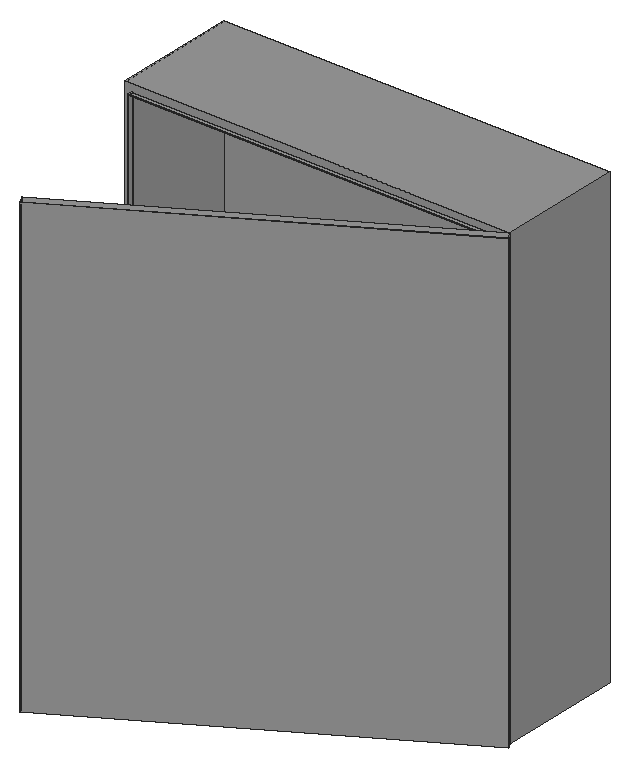
Revit family "Hager-Univers-IP55-D275-H950-Cl.II-Steel_encl-NoHosted-NL-en", category Equipement électrique, Revit 2020
Family settings
  Configuration du panneau = Deux colonnes, circuits au sein
  Cote de connecteur circulaire = Utiliser le diamètre
  Type d'élément = Tableau de raccordement
  Basée sur le plan de construction = Oui
  Toujours verticalement = Oui
  Couper avec des vides une fois chargée = Non
  Partagée = Non
  Point de calcul de pièce = Non
Parameters (values of type "Surface mounted (plaster) IP55 W800 H950 D275  - FR63S")
  Width Control [instance] = if([EF000008 - Width] > Min Width, [EF000008 - Width], Min Width)  # 800 mm
  Commentaires du type = [HG000003 - Range]  # "Univers"
  Thickness Door [instance] = if([EF009171 - Material plate thickness door/cover] > 3 mm, 3 mm, [EF009171 - Material plate thickness door/cover])  # 1.5 mm
  Seal Frame Offset [instance] = 17 mm  # constant formula
  Plinth Visibility [instance] = [HG000027 - Plinth height] > 0 mm  # no
  Min Width [instance] = 100 mm  # constant formula
  Min Depth [instance] = (2 * [EF009170 - Material plate thickness cabinet]) + 1 mm  # 4 mm
  Min Height [instance] = 100 mm  # constant formula
  Internal Frame Depth [instance] = (Door System Depth * 0.5)  # 9 mm
  Panel Name [instance] = ""  # (empty or 0)
  Model = ""
  HG000027 - Plinth height = 0 mm
  HG000026 - Floor standing = no
  HG000024 - Bottom section height = 600 mm
  HG000023 - Double section enclosure = no
  HG000016 - Door 3d visibility [instance] = yes
  HG000015 - Clearance visibility [instance] = no
  HG000014 - Door on the right [instance] = yes
  HG000013 - Door on the left [instance] = not([HG000014 - Door on the right])  # no
  HG000012 - Door swing angle [instance] = 30.00°
  HG000010 - Asymmetric doors = no
  HG000009 - Double swing door = no
  HG000006 - Flush mounted = no
  HG000004 - Manufacturer reference = "FR63S"
  HG000003 - Range = "Univers"
  HG000002 - With door or cover = yes
  Frame Offset Bottom [instance] = 10 mm  # constant formula
  Frame Offset [instance] = 15 mm  # constant formula
  EF015940 - Cover with overpressure release = no
  EF011959 - Degree of protection (NEMA) = ""
  EF009554 - Number of openings for flange plates = 6
  EF009212 - Cover model = "EV000116 - Closed"
  EF009171 - Material plate thickness door/cover = 1.5 mm
  EF009170 - Material plate thickness cabinet = 1.5 mm
  EF008873 - Nominal current (In) = 800 A
  EF007800 - Suitable for lightning protection = no
  EF006306 - With lock = no
  EF006244 - Transparent cover/door = no
  EF005474 - Degree of protection (IP) = "EV006420 - IP55"
  EF004464 - Type of door = "EV002646 - Single"
  EF004427 - Number of modules = 216
  EF004293 - Impact strength = "EV008784 - IK10"
  EF003532 - Suitable for outdoor use = no
  EF002950 - Width in number of modular spacings = 24
  EF001613 - Circuit integrity = "EV000494 - None"
  EF001596 - Material housing = "EV000179 - Steel"
  EF001131 - Internal depth = 275 mm
  EF001088 - Extension possible = yes
  EF000437 - Number of conduit inlets = 6
  EF000339 - Type of cover = "EV004216 - Door"
  EF000266 - Number of rows = 6
  EF000218 - Built-in depth = 0 mm
  EF000118 - With mounting plate = no
  EF000116 - RAL-number = "7035"
  EF000049 - Depth = 275 mm
  EF000040 - Height = 950 mm
  EF000008 - Width = 800 mm
  EF000007 - Colour = "EV000270 - Grey"
  EF000003 - Mounting method = "EV000384 - Surface mounted (plaster)"
  Door System Leaf Tolerance [instance] = 1.5 mm  # constant formula
  Door System Depth [instance] = 18 mm  # constant formula
  Door Height [instance] = Height Control - [HG000027 - Plinth height]  # 950 mm
  Description = ""
  Default Elevation = 1219.2 mm
  Connector Offset [instance] = Height Control / 2  # 475 mm
  Fabricant = "Hager"  # constant formula
  Height Control [instance] = if([EF000040 - Height] > Min Height, [EF000040 - Height], Min Height)  # 950 mm
  Depth Control [instance] = if([EF000049 - Depth] > Min Depth, [EF000049 - Depth], Min Depth)  # 275 mm
  Bottom Top Plate Trim [instance] = 1.5 mm  # constant formula
  Plinth height Ctrl [instance] = if([HG000027 - Plinth height] > 0 mm, [HG000027 - Plinth height], 12 mm)  # 12 mm
Types (5, lengths in mm): name | Width Control | HG000010 - Asymmetric doors | HG000009 - Double swing door | HG000004 - Manufacturer reference | EF009554 - Number of openings for flange plates | EF004464 - Type of door | EF004427 - Number of modules | EF000437 - Number of conduit inlets | EF000008 - Width
  Surface mounted (plaster) IP55 W1050 H950 D275  - FR64S | 1050 | no | yes | "FR64S" | 8 | "EV003602 - Double" | 288 | 8 | 1050
  Surface mounted (plaster) IP55 W1300 H950 D275  - FR65S | 1300 | yes | yes | "FR65S" | 10 | "EV003602 - Double" | 360 | 10 | 1300
  Surface mounted (plaster) IP55 W300 H950 D275  - FR61S | 300 | no | no | "FR61S" | 2 | "EV002646 - Single" | 72 | 2 | 300
  Surface mounted (plaster) IP55 W550 H950 D275  - FR62S | 550 | no | no | "FR62S" | 4 | "EV002646 - Single" | 144 | 4 | 550
  Surface mounted (plaster) IP55 W800 H950 D275  - FR63S | 800 | no | no | "FR63S" | 6 | "EV002646 - Single" | 216 | 6 | 800
Reference planes
  plane 1 "Center (Front/Back)": y = 0
  plane 2: z = 0
  plane 3 "Center (Left/Right)": x = 0
  plane 4: y = 0
  plane 5: y = 0
  plane 6: z = 0
  plane 7: x = -400
  plane 8: x = 400
  plane 9: x = 398.5
  plane 10: x = -398.5
  plane 11: z = 0
  plane 12: z = 1.5
  plane 13: y = -275
  plane 14: y = -1.5
  plane 15: x = 0
  plane 16: y = -257
  plane 17: y = -273.5
  plane 18: y = -255.5
  plane 19: x = -383.5
  plane 20: x = 383.5
  plane 21: z = 11.5
  plane 22: x = -383
  plane 23: x = 383
  plane 24: z = 0
  plane 25: z = 950
  plane 26: z = 950
  plane 27: z = 933.5
  plane 28: z = 948.5
Forms (mm)
  Extrusion 1, solid, material "Hager_Steel_RAL7035_Light_Grey", detail levels medium+fine
    sketch origin (-208.679, -4572, 0) x (-1, 0, 0) y (0, -1, 0)
      loop
        line (191.321, -4315) -> (-608.679, -4315) -> (-608.679, -4572) -> (191.321, -4572) -> (191.321, -4315)
    from 0 to 950
  Extrusion 2, void
    sketch origin (-350.771, -275, 1219.2) x (1, 0, 0) y (0, 0, 1)
      loop
        line (-47.729, -270.7) -> (-47.729, -1217.7) -> (749.271, -1217.7) -> (749.271, -270.7) -> (-47.729, -270.7)
    from -19.5 to -273.5
  Extrusion 3, void
    sketch origin (-290.084, -257, 1219.2) x (1, 0, 0) y (0, 0, 1)
      loop
        line (-93.416, -1207.7) -> (673.584, -1207.7) -> (673.584, -285.7) -> (-93.416, -285.7) -> (-93.416, -1207.7)
    from 0 to -1.5
  Extrusion 4, solid, material "Hager_Steel_RAL7035_Light_Grey", visible <- "Plinth Visibility", detail levels medium+fine
    sketch origin (0, 0, 0) x (1, 0, 0) y (0, 1, 0)
      loop
        line (-400, 0) -> (-400, -257) -> (400, -257) -> (400, 0) -> (-400, 0)
    from 0 to 12 <- "Plinth height Ctrl"
  Extrusion 5, solid, material "Hager_Steel_RAL7035_Light_Grey", detail levels coarse
    sketch origin (0, 0, 0) x (1, 0, 0) y (0, 1, 0)
      loop
        line (-400, 0) -> (-400, -275) -> (400, -275) -> (400, 0) -> (-400, 0)
    from 0 to 950 <- "Height Control"
  Sweep 6, void
    path in 3D
      loop
        line (-400, -257, 12) -> (400, -257, 12) -> (400, 0, 12) -> (-400, 0, 12) -> (-400, -257, 12)
    profile origin (-400, -128.5, 12) x (1, 0, 0) y (0, 0, 1)
      loop
        line (0, 0) -> (0, -1.5) -> (1.5, -1.5)
        arc (1.5, -1.5) -> (1.061, -0.439) -> (0, 0) r 1.5
  Extrusion 7, solid, material "Hager_Steel_RAL7035_Light_Grey", detail levels fine
    sketch origin (-400, -257, 0) x (1, 0, 0) y (0, 0, 1)
      loop
        line (16.5, 11.5) -> (783.5, 11.5) -> (783.5, 933.5) -> (16.5, 933.5) -> (16.5, 11.5)
      loop
        line (15, 10) -> (785, 10) -> (785, 935) -> (15, 935) -> (15, 10)
    from 0 to 9 <- "Internal Frame Depth"
Cuts and joins
  Extrusion 2, Extrusion 3 cuts Extrusion 1
  Sweep 6 cuts Extrusion 4
Lines and regions (mm)
  Masking region 1
    outline origin (0, 0, 0) x (1, 0, 0) y (0, 1, 0)
      loop
        line (-400, 0) -> (-400, -275) -> (400, -275) -> (400, 0) -> (-400, 0)
  Masking region 2, detail levels coarse
    outline origin (-290.084, -257, 1219.2) x (-1, 0, 0) y (0, 0, 1)
      loop
        line (-690.084, -1219.2) -> (109.916, -1219.2) -> (109.916, -269.2) -> (-690.084, -269.2) -> (-690.084, -1219.2)
  Masking region 3, detail levels coarse
    outline origin (0, 0, 0) x (0, 1, 0) y (0, 0, 1)
      loop
        line (0, 0) -> (0, 950) -> (-275, 950) -> (-275, 0) -> (0, 0)
  Masking region 4, visible <- "Plinth Visibility", detail levels medium+fine
    outline origin (0, 0, 0) x (0, 1, 0) y (0, 0, 1)
      loop
        line (-1.5, 12) -> (-255.5, 12)
        arc (-255.5, 12) -> (-255.939, 10.939) -> (-257, 10.5) r 1.5
        line (-257, 10.5) -> (-257, 0) -> (0, 0) -> (0, 10.5)
        arc (0, 10.5) -> (-1.061, 10.939) -> (-1.5, 12) r 1.5
  Masking region 5, detail levels medium+fine
    outline origin (0, 0, 594.038) x (0, 1, 0) y (0, 0, 1)
      loop
        line (0, -594.038) -> (0, 355.962) -> (-257, 355.962) -> (-257, -594.038) -> (0, -594.038)
  Masking region 6, detail levels medium+fine
    outline origin (-359.7, -257, 1211.883) x (-1, 0, 0) y (0, 0, 1)
      loop
        line (-759.7, -1211.883) -> (40.3, -1211.883) -> (40.3, -261.883) -> (-759.7, -261.883) -> (-759.7, -1211.883)
  Masking region 7, visible <- "Plinth Visibility", detail levels medium+fine
    outline origin (-320.334, -257, 1041.368) x (-1, 0, 0) y (0, 0, 1)
      loop
        line (-720.334, -1041.368) -> (79.666, -1041.368) -> (79.666, -1030.868)
        arc (79.666, -1030.868) -> (78.606, -1030.429) -> (78.166, -1029.368) r 1.5
        line (78.166, -1029.368) -> (-718.834, -1029.368)
        arc (-718.834, -1029.368) -> (-719.273, -1030.429) -> (-720.334, -1030.868) r 1.5
        line (-720.334, -1030.868) -> (-720.334, -1041.368)
  sketch lines
    curve 1: line (-400, 0, 12) -> (-400, -257, 12)
    curve 2: line (-400, -257, 12) -> (400, -257, 12)
    curve 3: line (400, 0, 12) -> (-400, 0, 12)
    curve 4: line (400, -257, 12) -> (400, 0, 12)
Dimensions and locks
  locked: plane 1 "Center (Front/Back)" to plane 5
  "EF009170 - Material plate thickness cabinet": plane 7 to plane 10
  "EF009170 - Material plate thickness cabinet": plane 8 to plane 9
  equal spacing: plane 7, plane 3 "Center (Left/Right)", plane 8
  "Width Control": plane 7 to plane 8
  "Depth Control": plane 4 to plane 13
  "EF009170 - Material plate thickness cabinet": plane 4 to plane 14
  "Height Control": plane 25 to level
  "HG000027 - Plinth height": plane 11 to level
  "EF009170 - Material plate thickness cabinet": plane 12 to plane 11
  "EF009170 - Material plate thickness cabinet": plane 17 to plane 13
  "EF009170 - Material plate thickness cabinet": plane 18 to plane 16
  "Frame Offset Bottom": plane 21 to plane 12
  "Frame Offset": plane 10 to plane 19
  "Frame Offset": plane 9 to plane 20
  "Door System Depth": plane 16 to plane 13
  "Seal Frame Offset": plane 7 to plane 22
  "Seal Frame Offset": plane 8 to plane 23
  "EF009170 - Material plate thickness cabinet": plane 26 to plane 28
  "Frame Offset": plane 28 to plane 27
  "Connector Offset": plane 2 to connector elem
  "Bottom Top Plate Trim": profile plane to Sweep 6 sketch curve
  "Bottom Top Plate Trim": Sweep 6 sketch curve to Sweep 6 sketch curve
  "Plinth height Ctrl": Masking region 4 sketch curve to level
  "Plinth height Ctrl": Masking region 7 sketch curve to level
  "Thickness Door": Extrusion 7 sketch curve to Extrusion 7 sketch curve  (x4)
  "Bottom Top Plate Trim": radius of Sweep 6 sketch curve
  "Bottom Top Plate Trim": radius of Masking region 4 sketch curve  (x2)
  "Bottom Top Plate Trim": radius of Masking region 7 sketch curve  (x2)
  aligned and locked: Extrusion 2 sketch curve to plane 12
  aligned and locked: Extrusion 2 sketch curve to plane 9
  aligned and locked: Extrusion 2 sketch curve to plane 10
  aligned and locked: Extrusion 2 to plane 14
  aligned and locked: Extrusion 1 sketch curve to plane 4
  aligned and locked: plane 8 to Extrusion 1 sketch curve
  aligned and locked: plane 7 to Extrusion 1 sketch curve
  aligned and locked: Extrusion 2 to plane 18
  aligned and locked: Extrusion 3 sketch curve to plane 19
  aligned and locked: plane 20 to Extrusion 3 sketch curve
  aligned and locked: Extrusion 3 to Extrusion 2
  aligned and locked: Extrusion 3 sketch curve to plane 21
  aligned and locked: plane 3 "Center (Left/Right)" to nested 1
  aligned and locked: Extrusion 1 sketch curve to plane 16
  aligned and locked: Extrusion 4 sketch curve to cut or joined group of Extrusion 1, Extrusion 2, Extrusion 3
  aligned and locked: Masking region 1 sketch curve to plane 7
  aligned and locked: Masking region 1 sketch curve to plane 5
  aligned and locked: Masking region 1 sketch curve to plane 8
  aligned and locked: Masking region 2 sketch curve to level
  aligned and locked: level to Masking region 3 sketch curve
  aligned and locked: plane 1 "Center (Front/Back)" to Masking region 3 sketch curve
  aligned and locked: plane 13 to Masking region 3 sketch curve
  aligned and locked: plane 5 to Masking region 4 sketch curve
  aligned and locked: Masking region 2 sketch curve to plane 8
  aligned and locked: Masking region 2 sketch curve to plane 7
  aligned and locked: plane 7 to nested 2
  aligned and locked: nested 2 to plane 5
  aligned and locked: plane 5 to Masking region 5 sketch curve
  aligned and locked: plane 26 to Masking region 5 sketch curve
  aligned and locked: Extrusion 5 sketch curve to plane 8
  aligned and locked: Extrusion 5 sketch curve to plane 7
  aligned and locked: Extrusion 5 sketch curve to plane 5
  aligned and locked: Extrusion 3 sketch curve to plane 27
  aligned and locked: Extrusion 2 sketch curve to plane 28
  aligned and locked: Masking region 2 to plane 25
  aligned and locked: Extrusion 4 to plane 16
  aligned and locked: profile plane to Sweep 6 sketch curve
  aligned and locked: Masking region 5 sketch curve to plane 24
  aligned and locked: level to Masking region 4 sketch curve
  aligned and locked: Masking region 1 to plane 13
  aligned and locked: nested 1 to plane 16
  aligned and locked: Masking region 3 to plane 25
  aligned and locked: plane 16 to Masking region 4 sketch curve
  aligned and locked: Masking region 5 sketch curve to plane 16
  aligned and locked: plane 24 to plane 11
  aligned and locked: plane 26 to plane 25
  aligned and locked: plane 26 to cut or joined group of Extrusion 1, Extrusion 2, Extrusion 3
  aligned and locked: nested 1 to plane 24
  aligned and locked: Extrusion 1 to Extrusion 3
  aligned and locked: Masking region 6 sketch curve to plane 8
  aligned and locked: Masking region 6 sketch curve to plane 24
  aligned and locked: Masking region 6 sketch curve to plane 7
  aligned and locked: Masking region 6 sketch curve to plane 26
  aligned and locked: Masking region 7 sketch curve to plane 7
  aligned and locked: level to Masking region 7 sketch curve
  aligned and locked: Masking region 7 sketch curve to plane 8
  aligned and locked: Extrusion 7 sketch curve to cut or joined group of Extrusion 1, Extrusion 2, Extrusion 3  (x4)
Automatic sketch dimensions
  plane 19 to Extrusion 3 sketch curve = 0 mm
  Extrusion 3 sketch curve to plane 20 = 0 mm
  Extrusion 3 sketch curve to plane 21 = 0 mm
  Extrusion 4 sketch curve to plane 7 = 0 mm
  Extrusion 4 sketch curve to plane 8 = 0 mm
  Extrusion 4 sketch curve to plane 16 = 0 mm
  Masking region 1 sketch curve to plane 13 = 0 mm
  Masking region 2 sketch curve to plane 25 = 0 mm
  Masking region 3 sketch curve to plane 25 = 0 mm
  Extrusion 5 sketch curve to plane 13 = 0 mm
  profile plane to Sweep 6 sketch curve = 0 mm
Nested families
  nested 1: "EC000058_Univers_Door" at (0, -257, 0), Double <- "HG000009 - Double swing door", Transparent <- "EF006244 - Transparent cover/door", Angle <- "HG000012 - Door swing angle", Door_Right <- "HG000014 - Door on the right", Assymetrical <- "HG000010 - Asymmetric doors", Door <- "HG000002 - With door or cover", Width_Ctrl <- "Width Control", 3d_Door <- "HG000016 - Door 3d visibility", Clearance <- "HG000015 - Clearance visibility", Door_Left <- "HG000013 - Door on the left", Width <- "Width Control", Door_Depth <- "Door System Depth", Leaf_Tolerance <- "Door System Leaf Tolerance", Height <- "Door Height", Lock_Visibility <- "EF006306 - With lock", Thickness <- "Thickness Door", type "EC000058_Univers_Door", detail levels medium+fine
    with min_wh 4 mm, Width_Ctrl 800 mm, Width 800 mm, Transparent no, Thickness 1.5 mm, Seal_Material Hager_Rubber, Lock_Visibility no, Lock_Material Hager_Plastic_RAL9005_Jet_Black, Leaf_Width 800 mm, Leaf_Tolerance_External_Sides 0 mm, Leaf_Tolerance 1.5 mm, Leaf_Offset 0 mm, Leaf_Height 947 mm, Leaf_2_Width 800 mm, Leaf_2_Offset 400 mm, Leaf_1_Width 800 mm, Leaf_1_Offset 400 mm, Height_Ctrl 950 mm, Height 950 mm, Glass_Material Hager_Glass, Double_Clearance_Ctrl no, Double no, Door_Right_Ctrl yes, Door_Right yes, Door_Material Hager_Steel_RAL7035_Light_Grey, Door_Left_Ctrl no, Door_Left no, Door_Depth 18 mm, Door yes, Clearance_Material Hager_Clearance, Clearance_Depth 800 mm, Clearance_Ctrl no, Clearance no, Assymetrical no, Angle 30.00°, 3d_Door yes
  nested 2: "Hager_Enclosure_Symbol" at (-400, 0, 0), Height <- "Depth Control", Width <- "Width Control", type "Hager_Enclosure_Symbol"
    with Width_Ctrl 800 mm, Width 800 mm, Height_Ctrl 275 mm, Height 275 mm, A_Width_Int 18.047 mm, A_Width 216.562 mm, A_Height_Ctrl 240.625 mm, A_Height 240.625 mm
Connectors
  electrical at (0, 0, 475)
    settings: on plane 1 "Center (Front/Back)", index 1, voltage 0 V, apparent load 0 VA, apparent load phase1 0 VA, apparent load phase2 0 VA, apparent load phase3 0 VA, power factor 1, load classification "Other", number of poles 1, system type 30, power factor state 1, is connector primary yes, connector utility no, sub classification motor no, connector description ""
Definition of nested family "EC000058_Univers_Door"
  Parameters (values of type "EC000058_Univers_Door")
    min_wh [instance] = (2 * Thickness) + 1 mm  # 11 mm
    Width_Ctrl [instance] = 400 mm
    Width [instance] = 500 mm
    Transparent [instance] = yes
    Thickness [instance] = 5 mm
    Seal_Material [instance] = none
    Lock_Visibility [instance] = yes
    Lock_Material [instance] = none
    Leaf_Width [instance] = if((Width_Ctrl - 2 * Leaf_Tolerance_External_Sides) > 0 mm, (Width_Ctrl - 2 * Leaf_Tolerance_External_Sides), min_wh)  # 400 mm
    Leaf_Tolerance_External_Sides [instance] = 0 mm  # constant formula
    Leaf_Tolerance [instance] = 1.5 mm
    Leaf_Offset [instance] = 0 mm  # constant formula
    Leaf_Height [instance] = if((Height_Ctrl - 2 * Leaf_Tolerance) > 0 mm, (Height_Ctrl - 2 * Leaf_Tolerance), min_wh)  # 497 mm
    Leaf_2_Width [instance] = if(and(and(Double, Assymetrical), Door_Left), (Leaf_Width / 3) - (Leaf_Tolerance / 2), if(and(and(Double, Assymetrical), Door_Right), (Leaf_Width / 3) * 2 - (Leaf_Tolerance / 2), if(and(Double, not(Assymetrical)), (Leaf_Width / 2) - Leaf_Tolerance, Leaf_Width)))  # 400 mm
    Leaf_2_Offset [instance] = if(and(Double, Assymetrical), Leaf_2_Width / 2, if(and(Double, not(Assymetrical)), Leaf_Width / 4, Leaf_Width / 2))  # 200 mm
    Leaf_1_Width [instance] = if(and(and(Double, Assymetrical), Door_Right), (Leaf_Width / 3) - (Leaf_Tolerance / 2), if(and(and(Double, Assymetrical), Door_Left), (Width / 3) * 2 - (Leaf_Tolerance / 2), if(and(Double, not(Assymetrical)), (Leaf_Width / 2) - Leaf_Tolerance, Leaf_Width)))  # 400 mm
    Leaf_1_Offset [instance] = if(and(Double, Assymetrical), Leaf_1_Width / 2, if(and(Double, not(Assymetrical)), Leaf_Width / 4, Leaf_Width / 2))  # 200 mm
    Height_Ctrl [instance] = if(Height > min_wh, Height, min_wh)  # 500 mm
    Height [instance] = 500 mm
    Glass_Material [instance] = none
    Double_Clearance_Ctrl [instance] = and(Double, Clearance)  # no
    Double [instance] = no
    Door_Right_Ctrl [instance] = and(or(Door_Right, Double), Door)  # yes
    Door_Right [instance] = yes
    Door_Material [instance] = none
    Door_Left_Ctrl [instance] = and(or(Door_Left, Double), Door)  # no
    Door_Left [instance] = no
    Door_Depth [instance] = 30 mm
    Door [instance] = yes
    Default Elevation = 1219.2 mm
    Clearance_Material [instance] = none
    Clearance_Depth [instance] = if(Leaf_1_Width > Leaf_2_Width, Leaf_1_Width, Leaf_2_Width)  # 400 mm
    Clearance_Ctrl [instance] = and(not(Double), Clearance)  # yes
    Clearance [instance] = yes
    Assymetrical [instance] = yes
    Angle [instance] = 30.00°
    3d_Door [instance] = yes
  Reference planes
    plane 1 "Center (Front/Back)": y = 0
    plane 2 "Bottom": z = 0
    plane 3 "Center (Left/Right)": x = 0
    plane 4: z = 500
    plane 5: x = -200
    plane 6: x = 200
    plane 7: z = 500
    plane 8: x = -200
    plane 9: z = 0
    plane 10: x = 200
    plane 11: y = 0
    plane 12: z = 1.5
    plane 13: x = -600
    plane 14: y = -400
    plane 15: x = 600
    plane 16: x = 0
    plane 17: x = 0
    plane 18: x = -200
    plane 19: x = 200
    plane 20: z = 498.5
  Forms (mm)
    Extrusion 1, solid, material <- "Clearance_Material", visible <- "Double_Clearance_Ctrl"
      sketch origin (1200, 0, 0) x (1, 0, 0) y (0, 0, -1)
        loop
          line (-1800, -498.5) -> (-600, -498.5) -> (-600, 0) -> (-1800, 0) -> (-1800, -498.5)
      from 0 to -400
  Dimensions and locks
    equal spacing: plane 5, plane 3 "Center (Left/Right)", plane 6
    "Width_Ctrl": plane 5 to plane 6
    "Leaf_Offset": plane 5 to plane 8
    "Leaf_Offset": plane 6 to plane 10
    "Leaf_Offset": plane 9 to level
    "Leaf_Offset": plane 4 to plane 7
    "Height_Ctrl": plane 4 to level
    "Leaf_Tolerance": plane 12 to plane 9
    locked: plane 11 to plane 1 "Center (Front/Back)"
    "Leaf_1_Offset": plane 18 to plane 16
    "Leaf_2_Offset": plane 17 to plane 19
    "Leaf_1_Width": plane 13 to plane 8
    "Leaf_2_Width": plane 10 to plane 15
    "Clearance_Depth": plane 14 to plane 1 "Center (Front/Back)"
    "Leaf_Tolerance_External_Sides": plane 8 to plane 18
    "Leaf_Tolerance_External_Sides": plane 19 to plane 10
    "Leaf_Tolerance": plane 7 to plane 20
    aligned and locked: level to plane 2 "Bottom"
    aligned and locked: nested 1 to plane 16
    aligned and locked: nested 2 to plane 17
    aligned and locked: Extrusion 1 to plane 13
    aligned and locked: plane 15 to Extrusion 1
    aligned and locked: Extrusion 1 to plane 14
    aligned and locked: plane 12 to nested 1
    aligned and locked: nested 2 to plane 12
    aligned and locked: Extrusion 1 to plane 11
    aligned and locked: plane 20 to Extrusion 1
    aligned and locked: nested 2 to plane 11
    aligned and locked: nested 1 to plane 11
  Automatic sketch dimensions
    Extrusion 1 sketch curve to level = 0 mm
    plane 5 to Extrusion 1 sketch curve = 400 mm
    plane 6 to Extrusion 1 sketch curve = 400 mm
    Extrusion 1 sketch curve to plane 4 = 1.5 mm
  Nested families
    nested 1: "EC000058_Univers_Door_Leaf" at (0, 0, 1.5), Width <- "Leaf_1_Width", visible <- "Door_Left_Ctrl", Leaf_Height <- "Leaf_Height", Angle <- "Angle", 3d_Door <- "3d_Door", Transparent <- "Transparent", Clearance Material <- "Clearance_Material", Clearance <- "Clearance_Ctrl", Door_Material <- "Door_Material", Glass_Material <- "Glass_Material", Door_Depth <- "Door_Depth", Lock_Material <- "Lock_Material", Seal_Material <- "Seal_Material", Lock_Visibility <- "Lock_Visibility", Thickness <- "Thickness", type "EC000058_Univers_Door_Leaf"
      with Width 400 mm, Transparent_Glass_Offset 30 mm, Transparent_Ctrl yes, Transparent yes, Thickness 5 mm, Standard no, Seal_Material none, Seal_D2 8 mm, Seal_D1 1 mm, Offset_Internal_Frame 10 mm, Lock_Width 20 mm, Lock_Visibility_3d yes, Lock_Visibility yes, Lock_Thickness_3 3 mm, Lock_Thickness_2 1 mm, Lock_Thickness_1 3 mm, Lock_Radius_Offset_2 16 mm, Lock_Radius_Offset_1 15 mm, Lock_Radius_2 5 mm, Lock_Radius 6 mm, Lock_Offset 5 mm, Lock_Material none, Lock_Height 80 mm, Lock_Cover_Top_Offset_2d 17 mm, Lock_Cover_Height -65 mm, Leaf_Height 497 mm, Internal_Seal_Thickness 8 mm, Internal_Seal_Depth_2 4.5 mm, Internal_Frame_Depth 25 mm, Glass_Thickness -1 mm, Glass_Offset -2 mm, Glass_Material none, Door_Material none, Door_Depth 30 mm, Clearance Material none, Clearance yes, Angle_Ctrl 30.00°, Angle 30.00°, 3d_Door yes
    nested 2: "EC000058_Univers_Door_Leaf" at (0, 0, 1.5) x (-1, 0, 0) z (0, 0, 1), Width <- "Leaf_2_Width", visible <- "Door_Right_Ctrl", Leaf_Height <- "Leaf_Height", Angle <- "Angle", 3d_Door <- "3d_Door", Transparent <- "Transparent", Clearance Material <- "Clearance_Material", Clearance <- "Clearance_Ctrl", Door_Material <- "Door_Material", Glass_Material <- "Glass_Material", Door_Depth <- "Door_Depth", Lock_Material <- "Lock_Material", Seal_Material <- "Seal_Material", Lock_Visibility <- "Lock_Visibility", Thickness <- "Thickness", type "EC000058_Univers_Door_Leaf"
      with Width 400 mm, Transparent_Glass_Offset 30 mm, Transparent_Ctrl yes, Transparent yes, Thickness 5 mm, Standard no, Seal_Material none, Seal_D2 8 mm, Seal_D1 1 mm, Offset_Internal_Frame 10 mm, Lock_Width 20 mm, Lock_Visibility_3d yes, Lock_Visibility yes, Lock_Thickness_3 3 mm, Lock_Thickness_2 1 mm, Lock_Thickness_1 3 mm, Lock_Radius_Offset_2 16 mm, Lock_Radius_Offset_1 15 mm, Lock_Radius_2 5 mm, Lock_Radius 6 mm, Lock_Offset 5 mm, Lock_Material none, Lock_Height 80 mm, Lock_Cover_Top_Offset_2d 17 mm, Lock_Cover_Height -65 mm, Leaf_Height 497 mm, Internal_Seal_Thickness 8 mm, Internal_Seal_Depth_2 4.5 mm, Internal_Frame_Depth 25 mm, Glass_Thickness -1 mm, Glass_Offset -2 mm, Glass_Material none, Door_Material none, Door_Depth 30 mm, Clearance Material none, Clearance yes, Angle_Ctrl 30.00°, Angle 30.00°, 3d_Door yes
  Definition of nested family "EC000058_Univers_Door_Leaf"
    Parameters (values of type "EC000058_Univers_Door_Leaf")
      Width [instance] = 2000 mm
      Transparent_Glass_Offset [instance] = 30 mm
      Transparent_Ctrl [instance] = and(Transparent, [3d_Door])  # yes
      Transparent [instance] = yes
      Thickness [instance] = 5 mm
      Standard [instance] = and(not(Transparent), [3d_Door])  # no
      Seal_Material [instance] = none
      Seal_D2 [instance] = 8 mm  # constant formula
      Seal_D1 [instance] = 1 mm  # constant formula
      Offset_Internal_Frame [instance] = 10 mm  # constant formula
      Lock_Width [instance] = 20 mm  # constant formula
      Lock_Visibility_3d [instance] = and(Lock_Visibility, [3d_Door])  # yes
      Lock_Visibility [instance] = yes
      Lock_Thickness_3 [instance] = 3 mm  # constant formula
      Lock_Thickness_2 [instance] = 1 mm  # constant formula
      Lock_Thickness_1 [instance] = 3 mm  # constant formula
      Lock_Radius_Offset_2 [instance] = Lock_Radius_Offset_1 + 1 mm  # 16 mm
      Lock_Radius_Offset_1 [instance] = 15 mm  # constant formula
      Lock_Radius_2 [instance] = Lock_Radius - 1 mm  # 5 mm
      Lock_Radius [instance] = 6 mm  # constant formula
      Lock_Offset [instance] = 5 mm  # constant formula
      Lock_Material [instance] = none
      Lock_Height [instance] = 80 mm  # constant formula
      Lock_Cover_Top_Offset_2d [instance] = Lock_Radius_Offset_2 + 1 mm  # 17 mm
      Lock_Cover_Height [instance] = -(Lock_Height - Lock_Radius_Offset_1)  # -65 mm
      Leaf_Height [instance] = 2720.336 mm
      Internal_Seal_Thickness [instance] = 8 mm  # constant formula
      Internal_Seal_Depth_2 [instance] = 4.5 mm  # constant formula
      Internal_Frame_Depth [instance] = if(Door_Depth - Thickness > 5 mm, Door_Depth - Thickness, 5 mm)  # 25 mm
      Glass_Thickness [instance] = if(Thickness > 15 mm, Glass_Offset + 10 mm, -1 mm)  # -1 mm
      Glass_Offset [instance] = if(Thickness > 15 mm, -(Thickness + 10 mm) / 2, -2 mm)  # -2 mm
      Glass_Material [instance] = none
      Door_Material [instance] = none
      Door_Depth [instance] = 30 mm
      Default Elevation = 0 mm
      Clearance Material [instance] = none
      Clearance [instance] = yes
      Angle_Ctrl [instance] = if(Angle > 180.00°, 180.00°, Angle)  # 90.00°
      Angle [instance] = 90.00°
      3d_Door [instance] = yes
    Reference planes
      plane 1 "Center (Front/Back)": y = 0
      plane 2: z = 0
      plane 3 "Center (Left/Right)": x = 0
      plane 4: y = 2000
      plane 5: x = -1000
      plane 6: x = 1000
      plane 7: x = -3000
      plane 8: z = 2720.336
      plane 9: z = 30
      plane 10: z = 2690.336
      plane 11: x = 970
      plane 12: x = -970
      plane 13: y = -3
      plane 14: z = 107.833
      plane 15: y = -5
      plane 16: y = -223.314
      plane 17: x = -1000
      plane 18: z = 1360.168
      plane 19: y = 30
    Forms (mm)
      Extrusion 1, solid, material <- "Clearance Material", visible <- "Clearance"
        sketch origin (0, 0, 0) x (1, 0, 0) y (0, 0, 1)
          loop
            line (-3000, 2720.336) -> (-3000, 0) -> (1000, 0) -> (1000, 2720.336) -> (-3000, 2720.336)
        from 0 to -2000
      Extrusion 2, solid, material <- "Door_Material", visible <- "Standard", detail levels medium+fine
        sketch origin (-1000, 0, 0) x (0, 1, 0) y (-1, 0, 0)
          loop
            line (0, 30) -> (0, 25) -> (2000, 25) -> (2000, 30) -> (0, 30)
        from 0 to 2720.336 <- "Leaf_Height"
      Extrusion 3, solid, material <- "Door_Material", visible <- "Transparent_Ctrl", detail levels medium+fine
        sketch origin (-1000, 0, 0) x (0, 1, 0) y (-1, 0, 0)
          loop
            line (0, 25) -> (2000, 25) -> (2000, 30) -> (0, 30) -> (0, 25)
        from 0 to 2720.336 <- "Leaf_Height"
      Extrusion 4, void
        sketch origin (-1025, 2000, 0) x (0, 1, 0) y (0, 0, -1)
          loop
            line (-30, -2690.336) -> (-30, -30) -> (-1970, -30) -> (-1970, -2690.336) -> (-30, -2690.336)
        from 0 to 5 <- "Thickness"
      Sweep 5, solid, material <- "Seal_Material", visible <- "Transparent_Ctrl", detail levels fine
        path in 3D
          loop
            line (-1025, 30, 30) -> (-1025, 30, 2690.336) -> (-1025, 1970, 2690.336) -> (-1025, 1970, 30) -> (-1025, 30, 30)
        profile origin (-1025, 1000, 30) x (1, 0, 0) y (0, 0, 1)
          loop
            line (0, 0) -> (0, -8) -> (1, -8) -> (1, 0) -> (0, 0)
      Extrusion 6, solid, material <- "Glass_Material", visible <- "Transparent_Ctrl", detail levels medium+fine
        sketch origin (-1030, 0, 0) x (0, 1, 0) y (0, 0, -1)
          loop
            line (1970, -2690.336) -> (1970, -30) -> (30, -30) -> (30, -2690.336) -> (1970, -2690.336)
        from -2 <- "Glass_Offset" to -1 <- "Glass_Thickness"
      Extrusion 7, solid, material <- "Door_Material", visible <- "3d_Door", detail levels medium+fine
        sketch origin (-1025, 2000, 0) x (0, -1, 0) y (0, 0, -1)
          loop
            line (0, -2720.336) -> (2000, -2720.336) -> (2000, 0) -> (0, 0) -> (0, -2720.336)
          loop
            line (1995, -5) -> (5, -5) -> (5, -2715.336) -> (1995, -2715.336) -> (1995, -5)
        from 0 to 25 <- "Internal_Frame_Depth"
      Sweep 8, solid, material <- "Seal_Material", visible <- "Transparent_Ctrl", detail levels fine
        path in 3D
          loop
            line (-1025, 0, 0) -> (-1025, 2000, 0) -> (-1025, 2000, 2720.336) -> (-1025, 0, 2720.336) -> (-1025, 0, 0)
        profile origin (-1025, 0, 1360.168) x (1, 0, 0) y (0, 1, 0)
          loop
            line (0, 10) -> (2.975, 10)
            arc (2.975, 10) -> (4.053, 10.447) -> (4.5, 11.525) r 1.525
            line (4.5, 11.525) -> (4.5, 16.527)
            arc (4.5, 16.527) -> (4.069, 17.569) -> (3.027, 18) r 1.473
            line (3.027, 18) -> (0, 18) -> (0, 10)
      Extrusion 9, solid, material <- "Lock_Material", visible <- "Lock_Visibility_3d", detail levels fine
        sketch origin (-1030, 0, 0) x (0, 1, 0) y (0, 0, -1)
          loop
            arc (1993.5, -1400.168) -> (1994.561, -1399.729) -> (1995, -1398.668) r 1.5
            line (1995, -1398.668) -> (1995, -1320.168) -> (1975, -1320.168) -> (1975, -1398.668)
            arc (1975, -1398.668) -> (1975.439, -1399.729) -> (1976.5, -1400.168) r 1.5
            line (1976.5, -1400.168) -> (1993.5, -1400.168)
        from 3 <- "Lock_Thickness_1" to 0
      Blend 10, solid, material <- "Lock_Material", visible <- "Lock_Visibility_3d", detail levels fine
        base sketch origin (-1033, 0, 0) x (0, 1, 0) y (0, 0, -1)
          loop
            line (1975, -1320.168) -> (1975, -1398.668)
            arc (1975, -1398.668) -> (1975.439, -1399.729) -> (1976.5, -1400.168) r 1.5
            line (1976.5, -1400.168) -> (1993.5, -1400.168)
            arc (1993.5, -1400.168) -> (1994.561, -1399.729) -> (1995, -1398.668) r 1.5
            line (1995, -1398.668) -> (1995, -1320.168) -> (1975, -1320.168)
        top sketch origin (-1033, 0, 0) x (0, 1, 0) y (0, 0, -1)
          loop
            line (1976, -1320.168) -> (1976, -1398.668)
            arc (1976, -1398.668) -> (1976.146, -1399.022) -> (1976.5, -1399.168) r 0.5
            line (1976.5, -1399.168) -> (1993.5, -1399.168)
            arc (1993.5, -1399.168) -> (1993.854, -1399.022) -> (1994, -1398.668) r 0.5
            line (1994, -1398.668) -> (1994, -1320.168) -> (1976, -1320.168)
        from 0 to 1 <- "Lock_Thickness_2"
      Blend 11, solid, material <- "Lock_Material", visible <- "Lock_Visibility_3d", detail levels fine
        base sketch origin (-1034, 0, 0) x (0, 1, 0) y (0, 0, -1)
          loop
            line (1978, -1320.168) -> (1978, -1384.168)
            arc (1978, -1384.168) -> (1985, -1391.168) -> (1992, -1384.168) r 7
            line (1992, -1384.168) -> (1992, -1320.168) -> (1978, -1320.168)
        top sketch origin (-1034, 0, 0) x (0, 1, 0) y (0, 0, -1)
          loop
            line (1991, -1320.168) -> (1979, -1320.168) -> (1979, -1383.168)
            arc (1979, -1383.168) -> (1985, -1389.168) -> (1991, -1383.168) r 6
            line (1991, -1383.168) -> (1991, -1320.168)
        from 0 to 3 <- "Lock_Thickness_3"
      Extrusion 12, solid, material <- "Lock_Material", visible <- "Lock_Visibility_3d", detail levels fine
        sketch origin (-1030, 1975, 1320.168) x (1, 0, 0) y (0, -1, 0)
          loop
            line (-7, -19) -> (-7, -1) -> (0, -1) -> (0, 0) -> (-8, 0) -> (-8, -20) -> (0, -20) -> (0, -19) -> (-7, -19)
        from 0 to -65 <- "Lock_Cover_Height"
      Extrusion 13, void
        sketch origin (-1038, 1995, 1320.168) x (-1, 0, 0) y (0, 0, -1)
          loop
            line (-5, -65) -> (0, -65) -> (-5, -60) -> (-5, -65)
        from 0 to 20 <- "Lock_Width"
      Extrusion 14, void
        sketch origin (-1038, 1975, 1320.168) x (0, -1, 0) y (0, 0, -1)
          loop
            circle (-10, -15.995) r 6
          loop
            circle (-10, -15.995) r 5
        from 0 to 2
      Extrusion 15, solid, material <- "Lock_Material", visible <- "Lock_Visibility_3d", detail levels medium
        sketch origin (-1030, 0, 0) x (0, 1, 0) y (0, 0, -1)
          loop
            arc (1993.5, -1400.168) -> (1994.561, -1399.729) -> (1995, -1398.668) r 1.5
            line (1995, -1398.668) -> (1995, -1320.168) -> (1975, -1320.168) -> (1975, -1398.668)
            arc (1975, -1398.668) -> (1975.439, -1399.729) -> (1976.5, -1400.168) r 1.5
            line (1976.5, -1400.168) -> (1993.5, -1400.168)
        from 8 to 0
    Cuts and joins
      Extrusion 4 cuts Extrusion 3
      Extrusion 13, Extrusion 14 cuts Extrusion 9
      Extrusion 14 cuts Blend 11
      Extrusion 13, Extrusion 14 cuts Extrusion 12
      joined: Extrusion 9, Blend 10, Blend 11, Extrusion 12
      Extrusion 14 cuts Extrusion 15
    Lines and regions (mm)
      Masking region 1, visible <- "Lock_Visibility", detail levels fine
        outline origin (0, 0, 0) x (0, 1, 0) y (0, 0, 1)
          loop
            line (30, 1320.168) -> (33, 1320.168) -> (33, 1400.168) -> (30, 1400.168) -> (30, 1320.168)
      Masking region 2, visible <- "Lock_Visibility", detail levels fine
        outline origin (0, 3.143, 0) x (0, 1, 0) y (0, 0, 1)
          loop
            line (29.857, 1354.168) -> (30.857, 1354.168) -> (30.857, 1366.168) -> (29.857, 1366.168) -> (29.857, 1354.168)
      Masking region 3, detail levels medium+fine
        outline origin (0, 0, 0) x (0, 1, 0) y (0, 0, 1)
          loop
            line (0, 0) -> (30, 0) -> (30, 2720.336) -> (0, 2720.336) -> (0, 0)
      Masking region 4, detail levels medium+fine
        outline origin (0, 0, 0) x (1, 0, 0) y (0, 0, 1)
          loop
            line (-1000, 2720.336) -> (-1000, 0) -> (1000, 0) -> (1000, 2720.336) -> (-1000, 2720.336)
      Masking region 5, visible <- "Lock_Visibility", detail levels fine
        outline origin (-47.116, 0, 0) x (1, 0, 0) y (0, 0, 1)
          loop
            arc (1024.616, 1399.168) -> (1023.556, 1398.729) -> (1023.116, 1397.668) r 1.5
            line (1023.116, 1397.668) -> (1023.116, 1320.168) -> (1041.116, 1320.168) -> (1041.116, 1397.668)
            arc (1041.116, 1397.668) -> (1040.677, 1398.729) -> (1039.616, 1399.168) r 1.5
            line (1039.616, 1399.168) -> (1024.616, 1399.168)
      Masking region 6, visible <- "Lock_Visibility", detail levels medium+fine
        outline origin (-25, 0, 0) x (1, 0, 0) y (0, 0, 1)
          loop
            arc (1001.5, 1400.168) -> (1000.439, 1399.729) -> (1000, 1398.668) r 1.5
            line (1000, 1398.668) -> (1000, 1320.168) -> (1020, 1320.168) -> (1020, 1398.668)
            arc (1020, 1398.668) -> (1019.561, 1399.729) -> (1018.5, 1400.168) r 1.5
            line (1018.5, 1400.168) -> (1001.5, 1400.168)
      Masking region 7, visible <- "Lock_Visibility", detail levels fine
        outline origin (-73.735, 0, 0) x (1, 0, 0) y (0, 0, 1)
          loop
            line (1051.735, 1382.168) -> (1065.735, 1382.168) -> (1065.735, 1384.168)
            arc (1065.735, 1384.168) -> (1058.735, 1391.168) -> (1051.735, 1384.168) r 7
            line (1051.735, 1384.168) -> (1051.735, 1382.168)
      Masking region 8, visible <- "Lock_Visibility", detail levels fine
        outline origin (-73.735, 0, 0) x (1, 0, 0) y (0, 0, 1)
          loop
            line (1052.735, 1382.168) -> (1064.735, 1382.168) -> (1064.735, 1383.168)
            arc (1064.735, 1383.168) -> (1058.735, 1389.168) -> (1052.735, 1383.168) r 6
            line (1052.735, 1383.168) -> (1052.735, 1382.168)
      Masking region 9, visible <- "Lock_Visibility", detail levels fine
        outline origin (-25, 0, 0) x (1, 0, 0) y (0, 0, 1)
          loop
            line (1020, 1320.168) -> (1020, 1382.168) -> (1000, 1382.168) -> (1000, 1320.168) -> (1020, 1320.168)
      Masking region 10, detail levels medium+fine
        outline origin (0, 0, 0) x (1, 0, 0) y (0, 0, 1)
          loop
            circle (985, 1335.144) r 6
      Masking region 11, detail levels fine
        outline origin (0, 0, 0) x (1, 0, 0) y (0, 0, 1)
          loop
            circle (985, 1335.144) r 5
      Masking region 12, visible <- "Lock_Visibility", detail levels fine
        outline origin (0, 12.767, 0) x (0, 1, 0) y (0, 0, 1)
          loop
            line (20.233, 1320.168) -> (21.233, 1320.168) -> (21.233, 1399.168) -> (20.233, 1400.168) -> (20.233, 1320.168)
      Masking region 13, visible <- "Lock_Visibility", detail levels fine
        outline origin (0, 13.767, -10) x (0, 1, 0) y (0, 0, 1)
          loop
            line (20.233, 1330.168) -> (23.233, 1330.168) -> (23.233, 1399.168) -> (20.233, 1402.168) -> (20.233, 1330.168)
      Masking region 14, visible <- "Lock_Visibility", detail levels fine
        outline origin (0, 12.767, -10) x (0, 1, 0) y (0, 0, 1)
          loop
            line (20.233, 1330.168) -> (25.233, 1330.168) -> (25.233, 1399.305) -> (20.233, 1394.305) -> (20.233, 1330.168)
      Masking region 15, visible <- "Lock_Visibility", detail levels medium
        outline origin (0, 0, 0) x (0, 1, 0) y (0, 0, 1)
          loop
            line (30, 1320.168) -> (38, 1320.168) -> (38, 1400.168) -> (30, 1400.168) -> (30, 1320.168)
      Masking region 16, visible <- "Lock_Visibility", detail levels fine
        outline origin (-1000, 0, 0) x (0, 1, 0) y (-1, 0, 0)
          loop
            line (1975, 30) -> (1995, 30) -> (1995, 38) -> (1975, 38) -> (1975, 30)
          loop
            line (1979, 37) -> (1976, 37) -> (1976, 34) -> (1978, 34) -> (1979, 37)
          loop
            line (1994, 37) -> (1991, 37) -> (1992, 34) -> (1994, 34) -> (1994, 37)
      Masking region 17, visible <- "Lock_Visibility", detail levels medium
        outline origin (-1000, 0, 0) x (0, 1, 0) y (-1, 0, 0)
          loop
            line (1975, 30) -> (1995, 30) -> (1995, 38) -> (1975, 38) -> (1975, 30)
      symbolic lines
        curve 1: line (1000, 0, 0) -> (-3000, 0, 0)
        curve 2: arc (1000, 0, 0) -> (-1000, 2000, 0) -> (-3000, 0, 0) r 2000
        curve 4: line (-1030, 0, 0) -> (-1030, 2000, 0)
      reference lines
        curve 3: line (-1000, 0, 0) -> (-1000, 2000, 0)
      symbolic lines, detail levels medium+fine
        curve 5: line (-1030, 2000, 0) -> (-1025, 2000, 0)
        curve 7: line (-1025, 0, 0) -> (-1030, 0, 0)
        curve 8: line (-1025, 0, 0) -> (-1000, 0, 0)
        curve 9: line (-1000, 0, 0) -> (-1000, 2000, 0)
        curve 10: line (-1000, 2000, 0) -> (-1025, 2000, 0)
      symbolic lines, detail levels fine
        curve 6: line (-1025, 2000, 0) -> (-1025, 0, 0)
      sketch lines
        curve 11: line (-1025, 0, 2720.336) -> (-1025, 0, 0)
        curve 12: line (-1025, 2000, 0) -> (-1025, 0, 0)
        curve 13: line (-1025, 2000, 2720.336) -> (-1025, 2000, 0)
        curve 14: line (-1025, 0, 2720.336) -> (-1025, 2000, 2720.336)
        curve 15: line (-1025, 1970, 30) -> (-1025, 30, 30)
        curve 16: line (-1025, 30, 30) -> (-1025, 30, 2690.336)
        curve 17: line (-1025, 1970, 2690.336) -> (-1025, 1970, 30)
        curve 18: line (-1025, 30, 2690.336) -> (-1025, 1970, 2690.336)
      symbolic lines, visible <- "Transparent", detail levels medium+fine
        curve 19: line (-970, 0, 2690.336) -> (970, 0, 2690.336)
        curve 20: line (-970, 0, 30) -> (-970, 0, 2690.336)
        curve 21: line (970, 0, 30) -> (-970, 0, 30)
        curve 22: line (970, 0, 2690.336) -> (970, 0, 30)
    Dimensions and locks
      "Width": plane 1 "Center (Front/Back)" to plane 4
      equal spacing: plane 5, plane 3 "Center (Left/Right)", plane 6
      "Width": plane 5 to plane 6
      "Width": plane 7 to plane 5
      "Leaf_Height": plane 8 to level
      "Width": curve 5 to curve 3
      "Width": curve 3 to curve 3
      plane 8 to plane 10 = 30 mm
      plane 9 to level = 30 mm
      plane 12 to plane 5 = 30 mm
      plane 6 to plane 11 = 30 mm
      Extrusion 1 to Extrusion 4 sketch curve = 30 mm
      "Transparent_Glass_Offset": curve 3 to Extrusion 4 sketch curve
      "Transparent_Glass_Offset": Extrusion 4 sketch curve to cut or joined group of Extrusion 3, Extrusion 4  (x2)
      cut or joined group of Extrusion 3, Extrusion 4 to Extrusion 6 sketch curve = 30 mm
      "Transparent_Glass_Offset": cut or joined group of Extrusion 3, Extrusion 4 to Extrusion 4 sketch curve
      "Thickness": curve 6 to curve 4
      "Thickness": Extrusion 7 sketch curve to Extrusion 7 sketch curve  (x4)
      "Door_Depth": curve 4 to curve 3
      "Offset_Internal_Frame": profile plane to Sweep 8 sketch curve
      "Internal_Seal_Thickness": Sweep 8 sketch curve to Sweep 8 sketch curve
      "Internal_Seal_Depth_2": profile plane to Sweep 8 sketch curve
      "Seal_D1": profile plane to Sweep 5 sketch curve
      "Seal_D2": profile plane to Sweep 5 sketch curve
      "Thickness": Extrusion 2 sketch curve to Extrusion 2 sketch curve
      equal spacing: Extrusion 9 sketch curve, plane 18, Extrusion 9 sketch curve  (x2)
      equal spacing: Masking region 1 sketch curve, plane 18, Masking region 1 sketch curve
      "Lock_Height": Masking region 1 sketch curve to Masking region 1 sketch curve
      "Lock_Radius": Masking region 2 sketch curve to plane 18 to Masking region 2 sketch curve
      Masking region 2 sketch curve to Masking region 1 = 1 mm
      "Door_Depth": plane 19 to plane 1 "Center (Front/Back)"
      "Lock_Thickness_1": Masking region 1 sketch curve to plane 19
      "Lock_Width": Extrusion 9 sketch curve to Extrusion 9 sketch curve
      "Lock_Height": Extrusion 9 sketch curve to Extrusion 9 sketch curve
      "Lock_Offset": cut or joined group of Extrusion 3, Extrusion 4 to Extrusion 9 sketch curve
      equal spacing: plane 8, plane 18, level
      "Lock_Radius_Offset_1": Blend 11 sketch curve to Blend 10
      locked: Blend 10 to Blend 11 sketch curve at 2  (x2)
      locked: var sketch to Blend 11 sketch curve at 1  (x2)
      "Lock_Radius_Offset_2": Blend 11 sketch curve to Blend 10
      locked: Extrusion 12 sketch curve to Extrusion 12 sketch curve at 1  (x3)
      Masking region 6 sketch curve to Masking region 6 sketch curve = 80 mm
      "Lock_Height": Masking region 6 sketch curve to Masking region 6 sketch curve
      "Lock_Width": Masking region 6 sketch curve to Masking region 6 sketch curve
      locked: Masking region 6 to Masking region 5 sketch curve at 1  (x3)
      locked: Masking region 5 to Masking region 7 sketch curve at 2  (x2)
      "Lock_Radius_Offset_1": Masking region 5 to Masking region 7 sketch curve
      "Lock_Radius_Offset_2": Masking region 5 to Masking region 8 sketch curve
      locked: Masking region 7 to Masking region 8 sketch curve at 1  (x2)
      "Lock_Cover_Top_Offset_2d": Masking region 5 to Masking region 9 sketch curve
      equal spacing: Masking region 9, Masking region 10 sketch curve, Masking region 9
      equal spacing: Masking region 9, Masking region 11 sketch curve, Masking region 9
      Extrusion 15 sketch curve to Extrusion 15 sketch curve = 80 mm
      "Lock_Width": Extrusion 15 sketch curve to Extrusion 15 sketch curve
      "Lock_Height": Extrusion 15 sketch curve to Extrusion 15 sketch curve
      equal spacing: Extrusion 15 sketch curve, plane 18, Extrusion 15 sketch curve
      "Lock_Thickness_3": Masking region 13 sketch curve to Masking region 13 sketch curve
      "Lock_Height": Masking region 12 sketch curve to Masking region 12 sketch curve
      locked: Masking region 13 sketch curve to Masking region 1 at 8
      locked: Masking region 14 sketch curve to Masking region 13 at 1
      locked: Masking region 14 sketch curve to Masking region 1 at 10.863
      "Lock_Height": Masking region 15 sketch curve to Masking region 15 sketch curve
      "Lock_Offset": Extrusion 15 sketch curve to cut or joined group of Extrusion 3, Extrusion 4
      "Lock_Offset": plane 6 to Masking region 6 sketch curve
      radius of Sweep 8 sketch curve = 1.525 mm
      radius of Sweep 8 sketch curve = 1.473 mm
      radius of Extrusion 9 sketch curve = 1.5 mm  (x2)
      "Lock_Radius": radius of Extrusion 14 sketch curve
      "Lock_Radius_2": radius of Extrusion 14 sketch curve
      "Lock_Radius": radius of Masking region 10 sketch curve
      "Lock_Radius_2": radius of Masking region 11 sketch curve
      radius of Extrusion 15 sketch curve = 1.5 mm  (x2)
      "Angle_Ctrl": angle plane 1 "Center (Front/Back)" to curve 3
      locked: Masking region 12 sketch curve to Masking region 12 sketch curve (angle 45.00°)
      locked: Masking region 13 sketch curve to Masking region 13 sketch curve (angle 45.00°)
      locked: Masking region 14 sketch curve to Masking region 14 sketch curve (angle 45.00°)
      aligned and locked: level to plane 2
      aligned and locked: Extrusion 1 to curve 1
      aligned and locked: plane 6 to Extrusion 1
      aligned and locked: Extrusion 1 to plane 1 "Center (Front/Back)"
      aligned and locked: plane 4 to Extrusion 1
      aligned and locked: plane 8 to Extrusion 1
      aligned and locked: curve 7 to Extrusion 2 sketch curve
      aligned and locked: curve 5 to Extrusion 2 sketch curve
      aligned and locked: curve 7 to Extrusion 3 sketch curve
      aligned and locked: Extrusion 3 sketch curve to curve 4
      aligned and locked: Extrusion 3 sketch curve to curve 6
      aligned and locked: Extrusion 3 sketch curve to curve 5
      aligned and locked: curve 9 to curve 3
      aligned and locked: Extrusion 7 sketch curve to cut or joined group of Extrusion 3, Extrusion 4  (x4)
      aligned and locked: plane 17 to curve 3
      aligned and locked: plane 1 "Center (Front/Back)" to curve 3
      aligned and locked: plane 17 to plane 5
      aligned and locked: Sweep 8 sketch curve to profile plane
      aligned and locked: Sweep 5 sketch curve to profile plane  (x2)
      aligned and locked: Masking region 1 to Masking region 2 sketch curve
      aligned and locked: plane 19 to Masking region 1 sketch curve
      aligned and locked: plane 1 "Center (Front/Back)" to Masking region 3 sketch curve
      aligned and locked: plane 19 to Masking region 3 sketch curve
      aligned and locked: level to Masking region 3 sketch curve
      aligned and locked: Masking region 3 sketch curve to plane 8
      aligned and locked: plane 17 to Masking region 4 sketch curve
      aligned and locked: level to Masking region 4 sketch curve
      aligned and locked: Masking region 4 sketch curve to plane 8
      aligned and locked: plane 12 to curve 20
      aligned and locked: plane 10 to curve 19
      aligned and locked: plane 11 to curve 22
      aligned and locked: curve 21 to plane 9
      aligned and locked: Extrusion 2 sketch curve to cut or joined group of Extrusion 3, Extrusion 4
      aligned and locked: Blend 10 sketch curve to Extrusion 9  (x4)
      aligned and locked: Extrusion 9 to Blend 10 sketch curve
      aligned and locked: Blend 10 to Blend 11 sketch curve
      aligned and locked: Extrusion 12 sketch curve to Blend 11
      aligned and locked: Extrusion 12 sketch curve to Extrusion 9  (x4)
      aligned and locked: Masking region 5 sketch curve to Masking region 6
      aligned and locked: Masking region 9 sketch curve to Masking region 6  (x3)
      aligned and locked: Masking region 12 sketch curve to Masking region 1
      aligned and locked: Masking region 13 sketch curve to Masking region 1
      aligned and locked: Masking region 12 to Masking region 14
      aligned and locked: Masking region 14 sketch curve to Masking region 1
      aligned and locked: Masking region 15 sketch curve to Masking region 14
      aligned and locked: Masking region 13 sketch curve to Masking region 12
      aligned and locked: Masking region 16 sketch curve to cut or joined group of Extrusion 14, Extrusion 15  (x4)
      aligned and locked: Masking region 16 sketch curve to cut or joined group of Extrusion 9, Blend 10, Blend 11, Extrusion 12, Extrusion 13, Extrusion 14  (x6)
      aligned and locked: cut or joined group of Extrusion 9, Blend 10, Blend 11, Extrusion 12, Extrusion 13, Extrusion 14 to Masking region 16 sketch curve
      aligned and locked: Masking region 17 sketch curve to cut or joined group of Extrusion 14, Extrusion 15  (x3)
      aligned and locked: Masking region 17 sketch curve to cut or joined group of Extrusion 9, Blend 10, Blend 11, Extrusion 12, Extrusion 13, Extrusion 14
      aligned and locked: Masking region 9 to Masking region 8 sketch curve
      aligned and locked: Masking region 9 to Masking region 7 sketch curve
    Automatic sketch dimensions
      plane 1 "Center (Front/Back)" to curve 2 = 0 mm
      curve 2 to plane 5 = 0 mm
      Extrusion 1 sketch curve to level = 0 mm
      Extrusion 1 sketch curve to plane 7 = 0 mm
      Extrusion 1 sketch curve to plane 6 = 0 mm
      Extrusion 1 sketch curve to plane 8 = 0 mm
      Extrusion 3 to Extrusion 6 sketch curve = 30 mm  (x4)
      Masking region 4 sketch curve to plane 6 = 0 mm
      Blend 10 sketch curve to Extrusion 9 = 1.5 mm
      Blend 10 sketch curve to Extrusion 9 = 1 mm
      Extrusion 13 sketch curve to Extrusion 12 = 0 mm  (x2)
      Extrusion 12 to Extrusion 13 sketch curve = 3 mm
      Extrusion 13 sketch curve to Extrusion 12 = 5 mm
      Extrusion 14 sketch curve to Extrusion 14 sketch curve = 0 mm  (x2)
      Extrusion 14 sketch curve to Extrusion 12 = 10 mm
      Extrusion 14 sketch curve to Extrusion 12 = 15.995 mm
      Masking region 5 sketch curve to Masking region 5 sketch curve = 1.5 mm  (x2)
      Masking region 10 sketch curve to plane 18 = 25.024 mm
      Masking region 11 sketch curve to plane 18 = 25.024 mm
      plane 19 to Masking region 14 sketch curve = 3 mm
      Masking region 16 sketch curve to Masking region 16 sketch curve = 3 mm
      curve 4 to curve 3 = 0 mm
      Blend 10 to Blend 11 sketch curve = 0 mm
      Masking region 6 sketch curve to Masking region 6 sketch curve = 1.5 mm  (x2)
      Masking region 6 sketch curve to plane 18 = 40 mm
      plane 19 to Masking region 12 sketch curve = 3 mm
      Masking region 12 sketch curve to Masking region 12 sketch curve = 1 mm
      Masking region 15 sketch curve to plane 19 = 0 mm
      Masking region 15 sketch curve to plane 18 = 40 mm
      radius of Blend 10 sketch curve to Extrusion 9 = 1 mm
Definition of nested family "Hager_Enclosure_Symbol"
  Parameters (values of type "Hager_Enclosure_Symbol")
    Width_Ctrl [instance] = if(Width > 1 mm, Width, 1 mm)  # 102.27 mm
    Width [instance] = 102.27 mm
    Height_Ctrl [instance] = if(Height > 1 mm, Height, 1 mm)  # 66.5 mm
    A_Width_Int [instance] = if(A_Width / 12 > 2 mm, A_Width / 12, 2 mm)  # 4.364 mm
    A_Width [instance] = if(A_Height_Ctrl * 0.9 > 2 mm, A_Height_Ctrl * 0.9, 2 mm)  # 52.369 mm
    A_Height_Ctrl [instance] = if(A_Height > 2 mm, A_Height, 2 mm)  # 58.188 mm
    Height [instance] = 66.5 mm
    A_Height [instance] = Height - (Height / 8)  # 58.188 mm
  Reference planes
    plane 1 "Centre (avant/arrière)": y = 0
    plane 2: z = 0
    plane 3 "Centre (gauche/droite)": x = 0
    plane 4: x = 52.369
    plane 5: y = 33.042
    plane 6: y = 41.77
    plane 7: y = 66.5
    plane 8: x = 26.184
    plane 9: y = 37.406
    plane 10: x = 102.27
    plane 11: y = 66.5
    plane 12: y = 8.313
  Lines and regions (mm)
    Filled region 1, type "Solid_Black", in view "Niveau de réf."
      outline origin (0, 0, 0) x (1, 0, 0) y (0, 1, 0)
        loop
          line (52.369, 66.5) -> (33.188, 54.536) -> (45.365, 45.006) -> (52.369, 66.5)
    Filled region 2, type "Solid_Black", in view "Niveau de réf."
      outline origin (0, 0, 0) x (1, 0, 0) y (0, 1, 0)
        loop
          line (0, 0) -> (102.27, 0) -> (102.27, 66.5) -> (0, 0)
    detail lines, in view "Niveau de réf."
      curve 1: line (0, 8.313, 0) -> (26.184, 41.77, 0)
      curve 2: line (26.184, 41.77, 0) -> (26.184, 33.042, 0)
      curve 3: line (26.184, 33.042, 0) -> (52.369, 66.5, 0)
  Dimensions and locks
    "A_Width": plane 3 "Centre (gauche/droite)" to plane 4
    equal spacing: plane 3 "Centre (gauche/droite)", plane 8, plane 4
    equal spacing: plane 6, plane 9, plane 5
    equal spacing: curve 3, Filled region 1 sketch curve, Filled region 1 sketch curve
    "Height_Ctrl": plane 1 "Centre (avant/arrière)" to plane 11
    "A_Height_Ctrl": plane 11 to plane 12
    equal spacing: plane 11, plane 9, plane 12
    "A_Width_Int": plane 6 to plane 9
    "Width_Ctrl": plane 3 "Centre (gauche/droite)" to plane 10
    angle Filled region 1 sketch curve to curve 3 = 20.00°
    angle curve 3 to Filled region 1 sketch curve = 20.00°
    locked: curve 3 to Filled region 1 sketch curve (angle 90.00°)
    aligned and locked: plane 10 to Filled region 2
    aligned and locked: plane 11 to Filled region 2 sketch curve
    aligned and locked: plane 10 to Filled region 2 sketch curve
    aligned and locked: plane 3 "Centre (gauche/droite)" to curve 1
    aligned and locked: plane 12 to curve 1
    aligned and locked: plane 7 to plane 11
  Automatic sketch dimensions
    Filled region 1 sketch curve to plane 4 = 0 mm
    Filled region 1 sketch curve to plane 7 = 0 mm
    plane 1 "Centre (avant/arrière)" to Filled region 2 sketch curve = 0 mm
    Filled region 2 sketch curve to plane 3 "Centre (gauche/droite)" = 0 mm
    curve 2 to plane 6 = 0 mm
    curve 2 to plane 8 = 0 mm
    curve 3 to plane 4 = 0 mm
    curve 2 to plane 5 = 0 mm
    curve 3 to plane 7 = 0 mm
